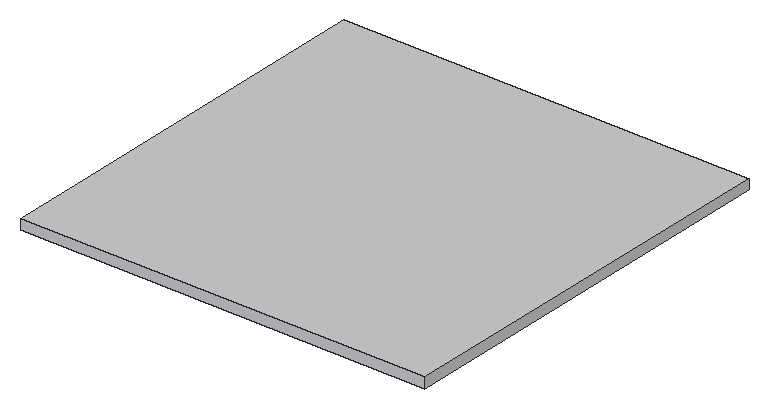
Revit family "GRIFO BIDET INGO PLUS", category Aparatos sanitarios, Revit 2015
Parameters (values of type "7157000")
  URL = "http://www.griferiasgalindo.com/bidet/ingo-plus/grifo-de-bidet-ingo-plus?c=es"
  Teléfono = "(+34) 915 782 575"
  TIPO DE AGUA = ""
  REFERENCIA = "7157000"
  Presión Máxima = ""
  PESO BRUTO = ""
  Modelo = "INGO PLUS"
  Material = LATON CROMADO
  Imagen de tipo = <Ninguno>
  Fabricante = "PRESTO IBÉRICA"
  Default Elevation = 1219.2 mm
  ENTRADA = ""
  Descripción = "Grifo monomando de bidet. Esta serie de diseño tubular con cuerpo consistente y ergonomía funcional, proporciona una mezcla de estética sencilla y funcionalidad apta para todo tipo de usuarios y ambientes de baño. KARIM aporta el sistema de ahorro de agua Flowing Ecosystem con sistema de doble posición de maneta que permite ahorrar hasta un 50 % de agua. Estético, moderno, funcional y ecológico, así es KARIM DUE."
  Código de montaje = "C1030220"
  Contacto = "info@prestoiberica.com"
  Conexión AF = yes
  Conexión AC = yes
  Comentarios de tipo = "◦Grifo monomando de bidet\r\n◦Acabado Cromo\r\n◦Disponible sin Desagüe automático\r\n◦Cartucho con discos cerámicos de diámetro 40 mm\r\n◦Tubos de alimentación flexibles 3/8\" y longitud 35 cm"
  CIERRE = ""
  CAUDAL = ""
  Accionamiento = ""
Reference planes
  plane 1 "Centro (Frontal/Posterior)": y = 0
  plane 2: z = 0
  plane 3 "Centro (Izquierda/Derecha)": x = 0
Forms (mm)
  Extrusion 1, solid
    sketch origin (0, 0, 0) x (1, 0, 0) y (0, 1, 0)
      loop
        line (-100, 100) -> (-100, -100) -> (100, -100) -> (100, 100) -> (-100, 100)
    from 0 to -5
Dimensions and locks
  Extrusion 1 sketch curve to plane 1 "Centro (Frontal/Posterior)" = 100 mm
  aligned and locked: plane 2 to Extrusion 1
  aligned and locked: level to Extrusion 1
Connectors
  piping at (-9.954, 11.597, 0), diameter 19.1
    settings: on import instance, index 1, connector inside diameter 609.6 mm, connector length 0 mm, flow factor 0, pipe flow 0.0 L/s, pressure drop 0.0 Pa, fitting loss kfactor 0, connector angle 0.00°, fixture units 0, engagement length 0 mm, angle of deflection 0.00°, flow configuration 0, flow direction 1, fitting loss method 0, system type 22, joint type 0, gender type 0, connector reference index -1, connector utility 0, adjustable connector no, is connector primary yes, connector description ""
